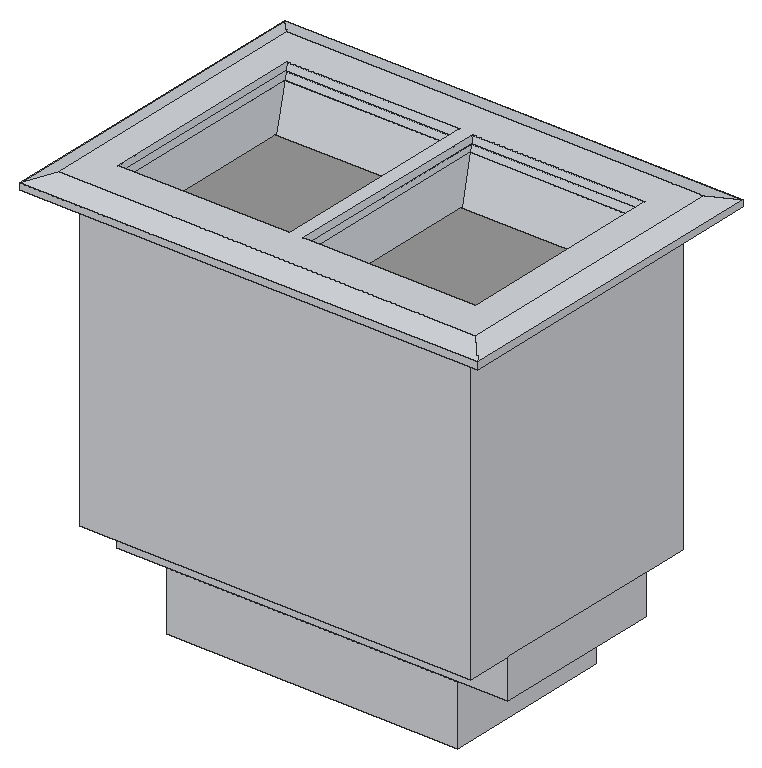
Revit family "2061374 Sylvania Lighting Fixture DOMINO 2xLED 930 BLACK MB TRIM WHITE DALI", category Lighting Fixtures, host Face, Revit 2018
Family settings
  Host = Face
  Round Connector Dimension = Use Diameter
  Part Type = Normal
  OmniClass Number = 23.80.70.00
  OmniClass Title = Lighting
  Cut with Voids When Loaded = No
  Light Source = Yes
  Shared = No
  Room Calculation Point = No
Parameters (values of type "2061374 DOMINO 2XLED 930 BLACK MB TR WHT DALI")
  top top length = 44 mm
  Width = 50 mm
  Weight = "n/a"
  Wattage Comments = ""
  Wattage = 9.2903 W
  WarrantyStartDate [instance] = "n/a"
  WarrantyGuarantorParts = "n/a"
  WarrantyDurationUnit = "n/a"
  WarrantyDurationParts = ""
  WarrantyDescription = "http://www.sylvania-lighting.com"
  built-in parameter 1150110 = 1 (stored number, unit not read)
  Voltage = 0 V
  URL = "0.96"
  TypeName = "DOMINO 2xLED 930 BLACK MB TRIM WHITE DALI"
  Type Image = <None>
  Type Comments = "n/a"
  built-in parameter 1114217 = 1 (stored number, unit not read)
  Top Width = 26 mm
  Tilt Angle = 90.00°
  built-in parameter 1150109 = 1 (stored number, unit not read)
  built-in parameter 1150134 = 3
  built-in parameter 1150113 = 1 (stored number, unit not read)
  SerialNumber [instance] = "n/a"
  Recessed Width = 43 mm
  Recessed Length = 63 mm
  Photometric Web File = "2061374.ies"
  Material_3_FEILO = none
  PowerFactor = 0
  PowerConsumption = "Lighting"
  NominalLength = 50 mm
  NominalHeight = 0 mm
  NominalDepth = 0 mm
  Name = "DOMINO 2xLED 930 BLACK MB TRIM WHITE DALI"
  ModelReference = Name  # "DOMINO 2xLED 930 BLACK MB TRIM WHITE DALI"
  ModelNumber = "2061374"
  Model = Name  # "DOMINO 2xLED 930 BLACK MB TRIM WHITE DALI"
  Material = "Feilo Sylvania"
  ManufacturerName = "54 lm/W"
  Manufacturer = ""
  LuminousEfficacy = ""
  built-in parameter 1150105 = 109.82 (stored number, unit not read)
  Lumens = 1380 lm
  LuminaireType = "0"
  built-in parameter 1150115 = 1 (stored number, unit not read)
  LightOutputRatio = "LED"
  built-in parameter 1150137 = (empty or 0)
  built-in parameter 1150139 = (empty or 0)
  Lens Width = 32 mm
  Lens = Glass, White, High Luminance
  Length = 69 mm
  LampsType = Lamp  # "n/a"
  LampNominalLuminous = "3000 K"
  LampMacAdamStep = "90"
  LampColourTemperature = "LED"
  LampColourRenderingIndex = "16500"
  built-in parameter 1150112 = 1 (stored number, unit not read)
  built-in parameter 1150114 = 1 (stored number, unit not read)
  Lamp = "n/a"
  Keynote = "n/a"
  InstallationDate [instance] = "n/a"
  InputVoltage = "0"
  InputNominalFrequency = "3000"
  built-in parameter 1150132 = (empty or 0)
  built-in parameter 1150102 = (empty or 0)
  built-in parameter 1150107 = 3200 (stored number, unit not read)
  built-in parameter 1150138 = (empty or 0)
  IngressProtection = "IfcLightFixtureType"
  ImpactProtectionIndex = "IfcLightFixtureType"
  built-in parameter 1150106 = 1.0982 (stored number, unit not read)
  IfcExportType = "IfcLightFixtureType"
  IfcExportAs = "Class II"
  Facia internal width = 37 mm
  Facia internal length = 56 mm
  Facia Height = 2 mm
  ExpectedLife = 50000
  Emit from Circle Diameter = 609.6 mm
  Emit Shape Visible in Rendering = no
  ElectricShockClassification = "54"
  built-in parameter 1150104 = 13.8 (stored number, unit not read)
  DurationUnit = "hours"
  DocumentationLiterature = "http://www.sylvania-lighting.com/product/en-int/products/2061374"
  DimmingControlOptions = "n/a"
  Material_2_FEILO = none
  Dimming Lamp Color Temperature Shift = <None>
  Description = "Modular LED recessed linear spotlight, ideal for retail and hospitality applications. Die-cast aluminium body, passive cooling. Two levels of reflector installation, low glaring UGR<16. 2x LED source, 30° beam angle , optics: PMMA lens and polycarbonate reflector combination, Black matt reflector finish. Light color temperature: 3000K warm white, total system power: 6W , total fixture lumen output: 320lm, efficacy: 54 lm/W, Ra90 typical, LED chromacity: 3 step MacAdam ellipse (SDCM3), lifespan: 96,000 hours at 90% of the original output (L90B10), IR/UV free light source without heat radiation, operating voltage: 220-240V / 50-60Hz, electronic driver, ultra low flicker, DALI , electrical protection: Class II. Degree of Protection: IP40/IP20, suitable for indoor environment only. Ceiling cut-out: 43x43mm, outer dimensions:  70x50mm trim frame RAL 9016 - Traffic white / Bezel color.5 years Warranty."
  Default Elevation = 1219.2 mm
  CreatedOn = "10/02/2021"
  CreatedBy = "harvey.smart@sylvania-lighting.com"
  Cost = 0
  Color Filter = 16777215
  built-in parameter 1114216 [instance] = (empty or 0)
  ClassificationValue = "EF_70_80"
  ClassificationName = "Uniclass2015"
  Material_1_FEILO = none
  Body Width = 40 mm
  Body Length = 59 mm
  BarCode [instance] = "n/a"
  built-in parameter 1114218 = 1 (stored number, unit not read)
  built-in parameter 1150133 = 10 (stored number, unit not read)
  AssetType = "Fixed"
  AssetIdentifier [instance] = "n/a"
  Assembly Code = "D5020200"
  Apparent Load = 6 VA
  Material_4_FEILO = none
Reference planes
  plane 1 "Center (Front/Back)": y = 0
  plane 2: z = 0
  plane 3 "Center (Left/Right)": x = 0
  plane 4: z = 0
  plane 5: z = -7
  plane 6: z = -45.895
  plane 7: z = -51.895
  plane 8: z = -60.895
  plane 9: x = -31.5
  plane 10: x = 31.5
  plane 11: y = 21.5
  plane 12: y = -21.5
  plane 13: x = -34.5
  plane 14: x = 34.5
  plane 15: y = 25
  plane 16: y = -25
  plane 17: x = 28
  plane 18: x = -28
  plane 19: y = 18.5
  plane 20: y = -18.5
  plane 21: z = 2
  plane 22: x = -29.5
  plane 23: x = 29.5
  plane 24: y = 20
  plane 25: y = -20
  plane 26: y = 13
  plane 27: y = -13
  plane 28: x = 22
  plane 29: y = 16
  plane 30: y = -16
  plane 31: x = -27
  plane 32: x = -1
  plane 33: x = -26
  plane 34: x = -2
  plane 35: y = 12.5
  plane 36: y = -12.5
  plane 37: x = 27
  plane 38: x = 1
  plane 39: x = 2
  plane 40: x = 26.026
Forms (mm)
  Extrusion 1, solid, not visible, detail levels medium+fine
    sketch origin (4.2, 0, 0) x (1, 0, 0) y (0, 1, 0)
      loop
        line (-29.2, 34.5) -> (-29.2, -34.5) -> (20.8, -34.5) -> (20.8, 34.5) -> (-29.2, 34.5)
    from 0 to 1
  Extrusion 2, solid, not visible, detail levels medium+fine
    sketch origin (4.044, 0, 0) x (1, 0, 0) y (0, 1, 0)
      loop
        line (-29.2, 34.5) -> (-29.2, -34.5) -> (20.8, -34.5) -> (20.8, 34.5) -> (-29.2, 34.5)
    from 0 to 1
  Blend 3, solid, not visible, detail levels medium+fine
    base sketch origin (4.2, 0, 0) x (1, 0, 0) y (0, 1, 0)
      loop
        line (-29.2, 34.5) -> (-29.2, -34.5) -> (20.8, -34.5) -> (20.8, 34.5) -> (-29.2, 34.5)
    top sketch origin (4.2, 0, 0) x (1, 0, 0) y (0, 1, 0)
      loop
        line (-21.7, 28) -> (-21.7, -28) -> (13.3, -28) -> (13.3, 28) -> (-21.7, 28)
    from 1 to 3
  Extrusion 4, solid, not visible, detail levels medium+fine
    sketch origin (3.419, 0, 0) x (1, 0, 0) y (0, 1, 0)
      loop
        line (-29.2, 34.5) -> (-29.2, -34.5) -> (20.8, -34.5) -> (20.8, 34.5) -> (-29.2, 34.5)
    from 0 to 1
  Blend 5, solid, not visible, detail levels medium+fine
    base sketch origin (3.575, 0, 0) x (1, 0, 0) y (0, 1, 0)
      loop
        line (-29.2, 34.5) -> (-29.2, -34.5) -> (20.8, -34.5) -> (20.8, 34.5) -> (-29.2, 34.5)
    top sketch origin (3.575, 0, 0) x (1, 0, 0) y (0, 1, 0)
      loop
        line (-21.7, 28) -> (-21.7, -28) -> (13.3, -28) -> (13.3, 28) -> (-21.7, 28)
    from 1 to 3
  Extrusion 6, solid, not visible, detail levels medium+fine
    sketch origin (4.247, 0, 0) x (1, 0, 0) y (0, 1, 0)
      loop
        line (-29.2, 34.5) -> (-29.2, -34.5) -> (20.8, -34.5) -> (20.8, 34.5) -> (-29.2, 34.5)
    from 0 to 1
  Blend 7, solid, not visible, detail levels medium+fine
    base sketch origin (4.403, 0, 0) x (1, 0, 0) y (0, 1, 0)
      loop
        line (-29.2, 34.5) -> (-29.2, -34.5) -> (20.8, -34.5) -> (20.8, 34.5) -> (-29.2, 34.5)
    top sketch origin (4.403, 0, 0) x (1, 0, 0) y (0, 1, 0)
      loop
        line (-21.7, 28) -> (-21.7, -28) -> (13.3, -28) -> (13.3, 28) -> (-21.7, 28)
    from 1 to 3
  Extrusion 8, void, detail levels medium+fine
    sketch origin (4.2, 0, 0) x (0, 1, 0) y (1, 0, 0)
      loop
        line (21.5, -35.7) -> (21.5, 27.3) -> (-21.5, 27.3) -> (-21.5, -35.7) -> (21.5, -35.7)
    from -9.934 to 83.097
  Extrusion 9, solid, detail levels medium+fine
    sketch origin (4.2, 0, 0) x (1, 0, 0) y (0, 1, 0)
      loop
        line (-38.7, 25) -> (-38.7, -25) -> (30.3, -25) -> (30.3, 25) -> (-38.7, 25)
    from 0 to 1
  Blend 10, solid, detail levels medium+fine
    base sketch origin (4.2, 0, 0) x (1, 0, 0) y (0, 1, 0)
      loop
        line (-38.7, 25) -> (-38.7, -25) -> (30.3, -25) -> (30.3, 25) -> (-38.7, 25)
    top sketch origin (4.2, 0, 0) x (1, 0, 0) y (0, 1, 0)
      loop
        line (-35.7, 21.5) -> (-35.7, -21.5) -> (27.3, -21.5) -> (27.3, 21.5) -> (-35.7, 21.5)
    from 1 to 2
  Extrusion 11, solid, detail levels medium+fine
    sketch origin (4.2, 0, 0) x (1, 0, 0) y (0, 1, 0)
      loop
        line (-33.7, 20) -> (-33.7, -20) -> (25.3, -20) -> (25.3, 20) -> (-33.7, 20)
    from 0 to -45.895
  Extrusion 12, solid, detail levels medium+fine
    sketch origin (4.2, 0, 0) x (1, 0, 0) y (0, 1, 0)
      loop
        line (-33.7, 13) -> (-33.7, -13) -> (25.3, -13) -> (25.3, 13) -> (-33.7, 13)
    from -51.895 to -45.895
  Extrusion 13, solid, detail levels fine
    sketch origin (4.2, 0, 0) x (1, 0, 0) y (0, 1, 0)
      loop
        line (-26.2, 13) -> (-26.2, -13) -> (17.8, -13) -> (17.8, 13) -> (-26.2, 13)
    from -60.895 to -51.895
  Blend 14, void, detail levels medium+fine
    base sketch origin (4.2, 0, 0) x (0, 1, 0) y (-1, 0, 0)
      loop
        line (16, 31.2) -> (-16, 31.2) -> (-16, 5.2) -> (16, 5.2) -> (16, 31.2)
    top sketch origin (4.2, 0, 0) x (0, 1, 0) y (-1, 0, 0)
      loop
        line (12.5, 30.2) -> (-12.5, 30.2) -> (-12.5, 6.2) -> (12.5, 6.2) -> (12.5, 30.2)
    from 2 to -7
  Blend 15, void, detail levels medium+fine
    base sketch origin (4.2, 0, 0) x (0, 1, 0) y (-1, 0, 0)
      loop
        line (16, 3.2) -> (-16, 3.2) -> (-16, -22.8) -> (16, -22.8) -> (16, 3.2)
    top sketch origin (4.2, 0, 0) x (0, 1, 0) y (-1, 0, 0)
      loop
        line (12.5, 2.2) -> (-12.5, 2.2) -> (-12.5, -21.826) -> (12.5, -21.826) -> (12.5, 2.2)
    from 2 to -7
  Extrusion 16, solid, material "Glass, White, High Luminance" <- "Lens", detail levels fine
    sketch origin (0, 1219.2, 38) x (1, 0, 0) y (0, 1, 0)
      loop
        line (-26, -1206.7) -> (-26, -1231.7) -> (-2, -1231.7) -> (-2, -1206.7) -> (-26, -1206.7)
    from -45 to -44
  Extrusion 17, solid, material "Glass, White, High Luminance" <- "Lens", detail levels fine
    sketch origin (4.2, 0, 0) x (1, 0, 0) y (0, 1, 0)
      loop
        line (-2.2, 12.5) -> (-2.2, -12.5) -> (21.826, -12.5) -> (21.826, 12.5) -> (-2.2, 12.5)
    from -7 to -6
  Extrusion 18, solid, detail levels coarse
    sketch origin (0, 1219.2, 38) x (1, 0, 0) y (0, 1, 0)
      loop
        line (34.5, -1194.2) -> (-34.5, -1194.2) -> (-34.5, -1244.2) -> (34.5, -1244.2) -> (34.5, -1194.2)
    from -36 to -98.895
Cuts and joins
  Blend 14, Blend 15 cuts Extrusion 9
  Blend 14, Blend 15 cuts Blend 10
  Blend 14, Blend 15 cuts Extrusion 11
Dimensions and locks
  "Recessed Length": plane 9 to plane 10
  equal spacing: plane 9, plane 3 "Center (Left/Right)", plane 10
  "Length": plane 13 to plane 14
  equal spacing: plane 13, plane 3 "Center (Left/Right)", plane 14
  "Recessed Width": plane 11 to plane 12
  equal spacing: plane 11, plane 1 "Center (Front/Back)", plane 12
  "Width": plane 15 to plane 16
  equal spacing: plane 15, plane 1 "Center (Front/Back)", plane 16
  "Facia internal length": plane 18 to plane 17
  equal spacing: plane 18, plane 3 "Center (Left/Right)", plane 17
  "Facia internal width": plane 19 to plane 20
  equal spacing: plane 19, plane 1 "Center (Front/Back)", plane 20
  "Facia Height": plane 21 to host face
  "Body Length": plane 22 to plane 23
  equal spacing: plane 22, plane 3 "Center (Left/Right)", plane 23
  "Body Width": plane 24 to plane 25
  equal spacing: plane 24, plane 1 "Center (Front/Back)", plane 25
  "Top Width": plane 26 to plane 27
  equal spacing: plane 26, plane 1 "Center (Front/Back)", plane 27
  plane 3 "Center (Left/Right)" to plane 28 = 22 mm
  "Lens Width": plane 29 to plane 30
  equal spacing: plane 29, plane 1 "Center (Front/Back)", plane 30
  aligned and locked: plane 2 to host face
  aligned and locked: level to host face
  aligned and locked: plane 21 to Blend 10
  aligned and locked: Extrusion 9 to Blend 10
  aligned and locked: plane 7 to Extrusion 13
  aligned and locked: Extrusion 12 to plane 7
  aligned and locked: Extrusion 11 to plane 6
  aligned and locked: Blend 14 to plane 5
  aligned and locked: plane 21 to Blend 14
  aligned and locked: Blend 15 to plane 5
  aligned and locked: plane 21 to Blend 15
Automatic sketch dimensions
  host sketch curve to host sketch curve = 2438.4 mm  (x2)
  Extrusion 1 sketch curve to Extrusion 1 sketch curve = 50 mm
  Extrusion 1 sketch curve to Extrusion 1 sketch curve = 69 mm
  Extrusion 2 sketch curve to Extrusion 2 sketch curve = 50 mm
  Extrusion 2 sketch curve to Extrusion 2 sketch curve = 69 mm
  Blend 3 sketch curve to Blend 3 sketch curve = 50 mm
  Blend 3 sketch curve to Blend 3 sketch curve = 69 mm
  Blend 3 sketch curve to Blend 3 sketch curve = 35 mm
  Blend 3 sketch curve to Blend 3 sketch curve = 56 mm
  Extrusion 4 sketch curve to Extrusion 4 sketch curve = 50 mm
  Extrusion 4 sketch curve to Extrusion 4 sketch curve = 69 mm
  Blend 5 sketch curve to Blend 5 sketch curve = 50 mm
  Blend 5 sketch curve to Blend 5 sketch curve = 69 mm
  Blend 5 sketch curve to Blend 5 sketch curve = 35 mm
  Blend 5 sketch curve to Blend 5 sketch curve = 56 mm
  Extrusion 6 sketch curve to Extrusion 6 sketch curve = 50 mm
  Extrusion 6 sketch curve to Extrusion 6 sketch curve = 69 mm
  Blend 7 sketch curve to Blend 7 sketch curve = 50 mm
  Blend 7 sketch curve to Blend 7 sketch curve = 69 mm
  Blend 7 sketch curve to Blend 7 sketch curve = 35 mm
  Blend 7 sketch curve to Blend 7 sketch curve = 56 mm
  Extrusion 8 sketch curve to plane 9 = 0 mm
  Extrusion 8 sketch curve to plane 12 = 0 mm
  Extrusion 8 sketch curve to plane 11 = 0 mm
  Extrusion 8 sketch curve to plane 10 = 0 mm
  Extrusion 9 sketch curve to plane 13 = 0 mm
  Extrusion 9 sketch curve to plane 14 = 0 mm
  Extrusion 9 sketch curve to plane 16 = 0 mm
  Extrusion 9 sketch curve to plane 15 = 0 mm
  Blend 10 sketch curve to plane 13 = 0 mm
  Blend 10 sketch curve to plane 14 = 0 mm
  Blend 10 sketch curve to plane 16 = 0 mm
  Blend 10 sketch curve to plane 15 = 0 mm
  Blend 10 sketch curve to plane 9 = 0 mm
  Blend 10 sketch curve to plane 10 = 0 mm
  Blend 10 sketch curve to plane 12 = 0 mm
  Blend 10 sketch curve to plane 11 = 0 mm
  Extrusion 11 sketch curve to plane 22 = 0 mm
  Extrusion 11 sketch curve to plane 23 = 0 mm
  Extrusion 11 sketch curve to plane 25 = 0 mm
  Extrusion 11 sketch curve to plane 24 = 0 mm
  Extrusion 12 sketch curve to plane 22 = 0 mm
  Extrusion 12 sketch curve to plane 23 = 0 mm
  Extrusion 12 sketch curve to plane 27 = 0 mm
  Extrusion 12 sketch curve to plane 26 = 0 mm
  Extrusion 13 sketch curve to plane 27 = 0 mm
  Extrusion 13 sketch curve to plane 28 = 0 mm
  Extrusion 13 sketch curve to plane 26 = 0 mm
  plane 18 to Extrusion 13 sketch curve = 6 mm
  Blend 14 sketch curve to plane 30 = 0 mm
  Blend 14 sketch curve to plane 29 = 0 mm
  Blend 14 sketch curve to plane 32 = 0 mm
  Blend 14 sketch curve to plane 31 = 0 mm
  Blend 14 sketch curve to plane 33 = 0 mm
  Blend 14 sketch curve to plane 36 = 0 mm
  Blend 14 sketch curve to plane 35 = 0 mm
  Blend 14 sketch curve to plane 34 = 0 mm
  Blend 15 sketch curve to plane 30 = 0 mm
  Blend 15 sketch curve to plane 29 = 0 mm
  Blend 15 sketch curve to plane 37 = 0 mm
  Blend 15 sketch curve to plane 38 = 0 mm
  Blend 15 sketch curve to plane 36 = 0 mm
  Blend 15 sketch curve to plane 35 = 0 mm
  Blend 15 sketch curve to plane 40 = 0 mm
  Blend 15 sketch curve to plane 39 = 0 mm
  plane 31 to Extrusion 16 sketch curve = 1 mm
  Extrusion 16 sketch curve to plane 11 = 9 mm
  Extrusion 16 sketch curve to plane 34 = 0 mm
  plane 1 "Center (Front/Back)" to Extrusion 16 sketch curve = 12.5 mm
  Extrusion 17 sketch curve to plane 36 = 0 mm
  Extrusion 17 sketch curve to plane 39 = 0 mm
  Extrusion 17 sketch curve to plane 40 = 0 mm
  Extrusion 17 sketch curve to plane 35 = 0 mm
  Extrusion 18 sketch curve to plane 33 = 8.5 mm
  plane 14 to Extrusion 18 sketch curve = 0 mm
  plane 16 to Extrusion 18 sketch curve = 50 mm
  Extrusion 18 sketch curve to plane 36 = 12.5 mm
